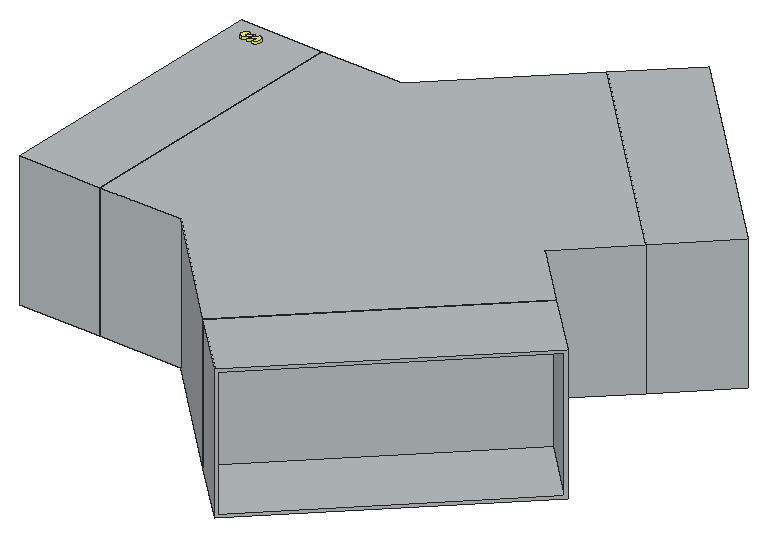
Revit family "NLRS_57_DUF_UN_instortkanaal-broekstuk-45_LT_velu", category Duct Fittings, Revit 2020
Family settings
  Round Connector Dimension = Use Diameter
  Part Type = Tee
  Work Plane-Based = No
  Always vertical = Yes
  Cut with Voids When Loaded = No
  Shared = No
Parameters (values of type "VIK broekstuk")
  VELU_c03_hoogte [instance] = VELU_c01_hoogte  # 80.00 mm
  VELU_c03_breedte [instance] = VELU_c01_breedte  # 170.00 mm
  VELU_c02_hoogte [instance] = VELU_c01_hoogte  # 80.00 mm
  VELU_c02_breedte [instance] = VELU_c01_breedte  # 170.00 mm
  VELU_c01_hoogte [instance] = if(NLRS_M_c01_hoogte > 70.00 mm, 80.00 mm, 70.00 mm)  # 80.00 mm
  VELU_c01_breedte [instance] = if(VELU_c01_hoogte = 70.00 mm, 170.00 mm, if(NLRS_M_c01_breedte > 220.00 mm, 250.00 mm, if(NLRS_M_c01_breedte > 200.00 mm, 220.00 mm, if(NLRS_M_c01_breedte > 170.00 mm, 200.00 mm, 170.00 mm))))  # 170.00 mm
  VELU_Werkendelengte3 [instance] = size_lookup(VELU_Article_Data, "L3", 50.00 mm, VELU_c01_breedte, VELU_c01_hoogte)  # 136.00 mm
  VELU_Werkendelengte2 [instance] = size_lookup(VELU_Article_Data, "L2", 50.00 mm, VELU_c01_breedte, VELU_c01_hoogte)  # 136.00 mm
  VELU_Werkendelengte [instance] = size_lookup(VELU_Article_Data, "L1", 50.00 mm, VELU_c01_breedte, VELU_c01_hoogte)  # 86.00 mm
  VELU_Show_Warning [instance] = not(VELU_Correcte_Maatvoering)  # no
  VELU_Model [instance] = size_lookup(VELU_Article_Data, "Model", "NB", VELU_c01_breedte, VELU_c01_hoogte)  # "VIK Y-stuk 170 x 80"
  VELU_Koppelbus_Li1 [instance] = size_lookup(VELU_Article_Data, "Li1", 50.00 mm, VELU_c01_breedte, VELU_c01_hoogte)  # 50.00 mm
  VELU_Gewicht [instance] = size_lookup(VELU_Article_Data, "kg", 0, VELU_c01_breedte, VELU_c01_hoogte) * 1.00 kg / 100  # 0.70 kg
  VELU_Foutmelding [instance] = if(VELU_Show_Warning, "Ongeldige instort maatvoering!", " ")  # " "
  VELU_Correcte_Maatvoering [instance] = (and(NLRS_M_c01_breedte = VELU_c01_breedte, NLRS_M_c01_hoogte = VELU_c01_hoogte))  # yes
  VELU_Calculation_Parameter [instance] = VELU_c03_breedte + 3.00 mm  # 173.00 mm
  VELU_Bim-site [instance] = "https://velu.nl/bim/"
  VELU_Artikel_code [instance] = size_lookup(VELU_Article_Data, "", "NB", VELU_c01_breedte, VELU_c01_hoogte)  # "5110000305"
  VELU_Article_Data = "Y"  # constant formula
  built-in parameter 1114242 [instance] = 1 = 0  # (empty or 0)
  URL = "https://webshop.velu.nl/overige-woningbouw-componenten/"
  Type Comments = "Enkel geschikt voor VELU instort kanaal maten"  # constant formula
  NLRS_M_c03_hoogte [instance] = NLRS_M_c01_hoogte  # 80.00 mm
  NLRS_M_c03_breedte [instance] = NLRS_M_c01_breedte  # 170.00 mm
  NLRS_M_c02_hoogte [instance] = NLRS_M_c01_hoogte  # 80.00 mm
  NLRS_M_c02_breedte [instance] = NLRS_M_c01_breedte  # 170.00 mm
  NLRS_M_c01_hoogte [instance] = 80.00 mm
  NLRS_M_c01_breedte [instance] = 170.00 mm
  NLRS_C_model [instance] = VELU_Model  # "VIK Y-stuk 170 x 80"
  NLRS_C_description = Description  # "VELU instortkanaal: Y-stuk 45, stromend"
  NLRS_C_content_versie = "3.20.01"  # constant formula
  NLRS_C_content_provider = "Velu Klimaattechnische Groothandel"  # constant formula
  NLRS_C_content_datum_gewijzigd = "20-01-2023"  # constant formula
  NLRS_C_content_creator = "J. Feeke"  # constant formula
  Model = "VIK rechthoekig broekstuk"  # constant formula
  Manufacturer = "Velu Klimaattechnische Groothandel"  # constant formula
  Description = "VELU instortkanaal: Y-stuk 45, stromend"  # constant formula
  Default Elevation = 0.00 mm
  Assembly Code = "57.00"
Reference planes
  plane 1 "Center (Front/Back)": y = 0
  plane 2: z = 0
  plane 3 "Center (Left/Right)": x = 0
  plane 4: y = 85
  plane 5: y = -85
  plane 6: y = 86.5
  plane 7: y = -86.5
  plane 8: z = 40
  plane 9: z = -40
  plane 10: z = 41.5
  plane 11: z = -41.5
  plane 12: x = -86
  plane 13: x = -136
Forms (mm)
  Extrusion 1, solid, material "VELU_Label", not visible
    sketch origin (-547.644, -297.937, 0) x (1, 0, 0) y (0, 1, 0)
      loop
        arc (546.644, 298.937) -> (545.644, 297.937) -> (546.644, 296.937) r 1
        line (546.644, 296.937) -> (546.644, 297.937) -> (547.644, 296.937) -> (547.644, 297.937) -> (546.644, 298.937)
    from 0 to 1
  Extrusion 2, solid, material "VELU_Label", not visible
    sketch origin (0, 0, 0) x (1, 0, 0) y (0, 1, 0)
      loop
        arc (1, -1) -> (2, 0) -> (1, 1) r 1
        line (1, 1) -> (1, 0) -> (0, 1) -> (0, 0) -> (1, -1)
    from 0 to 1
  Extrusion 3, solid, material "NLRS_57_sendzimir verzinkt_gen_sacs", detail levels medium+fine
    sketch origin (0, 0, 0) x (1, 0, 0) y (0, 1, 0)
      loop
        line (-35.829, -86.5) -> (35.002, -157.331) -> (157.331, -35.002) -> (122.329, 0) -> (157.331, 35.002) -> (35.002, 157.331) -> (-35.829, 86.5) -> (-86, 86.5) -> (-86, -86.5) -> (-35.829, -86.5)
    from -41.5 to 41.5
  Sweep 4, solid, material "NLRS_57_sendzimir verzinkt_gen_sacs", detail levels medium+fine
    path in 3D
      loop
        line (-86, -86.5, 41.5) -> (-86, -86.5, -41.5) -> (-86, 86.5, -41.5) -> (-86, 86.5, 41.5) -> (-86, -86.5, 41.5)
    profile "mof : mof" origin (-86, 0, 41.5) x (1, 0, 0) y (0, 0, 1)
      loop
        line (0, 0) -> (-50, 0) -> (-50, -1.5) -> (0, -1.5) -> (0, 0)
  Sweep 5, solid, material "NLRS_57_sendzimir verzinkt_gen_sacs", detail levels medium+fine
    path in 3D
      loop
        line (157.331, -35.002, 41.5) -> (157.331, -35.002, -41.5) -> (35.002, -157.331, -41.5) -> (35.002, -157.331, 41.5) -> (157.331, -35.002, 41.5)
    profile "mof : mof" origin (96.167, -96.167, 41.5) x (-0.707107, 0.707107, 0) y (0, 0, 1)
      loop
        line (0, 0) -> (-50, 0) -> (-50, -1.5) -> (0, -1.5) -> (0, 0)
  Sweep 6, solid, material "NLRS_57_sendzimir verzinkt_gen_sacs", detail levels medium+fine
    path in 3D
      loop
        line (35.002, 157.331, 41.5) -> (35.002, 157.331, -41.5) -> (157.331, 35.002, -41.5) -> (157.331, 35.002, 41.5) -> (35.002, 157.331, 41.5)
    profile "mof : mof" origin (96.167, 96.167, 41.5) x (-0.707107, -0.707107, 0) y (0, 0, 1)
      loop
        line (0, 0) -> (-50, 0) -> (-50, -1.5) -> (0, -1.5) -> (0, 0)
Lines and regions (mm)
  reference lines
    curve 1: line (0, 0, 0) -> (96.167, -96.167, 0)
    curve 8: line (0, 0, 0) -> (96.167, 96.167, 0)
  model lines, detail levels coarse
    curve 2: line (-86, 0, 0) -> (0, 0, 0)
    curve 3: line (96.167, -96.167, 0) -> (0, 0, 0)
    curve 17: line (96.167, 96.167, 0) -> (0, 0, 0)
  sketch lines
    curve 4: line (-86, 86.5, 41.5) -> (-86, -86.5, 41.5)
    curve 5: line (-86, 86.5, 41.5) -> (-86, 86.5, -41.5)
    curve 6: line (-86, -86.5, -41.5) -> (-86, 86.5, -41.5)
    curve 7: line (-86, -86.5, 41.5) -> (-86, -86.5, -41.5)
    curve 9: line (35.002, -157.331, 41.5) -> (157.331, -35.002, 41.5)
    curve 10: line (157.331, -35.002, 41.5) -> (157.331, -35.002, -41.5)
    curve 11: line (157.331, -35.002, -41.5) -> (35.002, -157.331, -41.5)
    curve 12: line (35.002, -157.331, 41.5) -> (35.002, -157.331, -41.5)
    curve 13: line (157.331, 35.002, 41.5) -> (35.002, 157.331, 41.5)
    curve 14: line (35.002, 157.331, 41.5) -> (35.002, 157.331, -41.5)
    curve 15: line (35.002, 157.331, -41.5) -> (157.331, 35.002, -41.5)
    curve 16: line (157.331, 35.002, 41.5) -> (157.331, 35.002, -41.5)
Dimensions and locks
  equal spacing: plane 4, plane 1 "Center (Front/Back)", plane 5
  "VELU_c01_breedte": plane 4 to plane 5
  locked: plane 6 to plane 4 at 1.5
  locked: plane 5 to plane 7 at 1.5
  equal spacing: plane 8, level, plane 9
  "VELU_c01_hoogte": plane 8 to plane 9
  locked: plane 9 to plane 11 at 1.5
  locked: plane 10 to plane 8 at 1.5
  locked: plane 6 to nested 2 at 11.5
  locked: plane 6 to nested 1 at 11.5
  "VELU_Werkendelengte": plane 12 to plane 3 "Center (Left/Right)"
  "VELU_Werkendelengte3": curve 1 to curve 1
  "VELU_Koppelbus_Li1": plane 13 to plane 12
  locked: plane 13 to nested 1 at 15
  locked: plane 13 to nested 2 at 15
  "VELU_Werkendelengte2": curve 8 to curve 8
  equal spacing: Extrusion 3 sketch curve, curve 8, Extrusion 3 sketch curve
  "VELU_Calculation_Parameter": Extrusion 3 sketch curve to Extrusion 3 sketch curve  (x2)
  equal spacing: Extrusion 3 sketch curve, curve 1, Extrusion 3 sketch curve
  "VELU_Werkendelengte3": curve 3 to curve 3
  "VELU_Werkendelengte2": curve 17 to curve 17
  locked: curve 1 to plane 1 "Center (Front/Back)" (angle 45.00°)
  locked: plane 1 "Center (Front/Back)" to curve 8 (angle 45.00°)
  locked: Extrusion 3 sketch curve to curve 8 (angle 90.00°)
  locked: Extrusion 3 sketch curve to Extrusion 3 sketch curve (angle 90.00°)  (x4)
  locked: curve 1 to Extrusion 3 sketch curve (angle 90.00°)
  locked: plane 1 "Center (Front/Back)" to curve 17 (angle 45.00°)
  locked: curve 3 to plane 1 "Center (Front/Back)" (angle 45.00°)
  aligned and locked: level to plane 2
  aligned and locked: plane 10 to nested 1
  aligned and locked: nested 2 to plane 11
  aligned and locked: plane 3 "Center (Left/Right)" to curve 1
  aligned and locked: plane 12 to Extrusion 3 sketch curve
  aligned and locked: Extrusion 3 sketch curve to plane 6
  aligned and locked: plane 7 to Extrusion 3 sketch curve
  aligned and locked: Extrusion 3 to plane 11
  aligned and locked: plane 10 to Extrusion 3
  aligned and locked: plane 12 to curve 2
  aligned and locked: curve 2 to curve 3
  aligned and locked: plane 3 "Center (Left/Right)" to curve 3
  aligned and locked: curve 3 to curve 1
  aligned and locked: plane 1 "Center (Front/Back)" to curve 8
  aligned and locked: Extrusion 3 sketch curve to curve 8
  aligned and locked: Extrusion 3 sketch curve to curve 1
  aligned and locked: plane 1 "Center (Front/Back)" to Extrusion 3 sketch curve  (x2)
Automatic sketch dimensions
  plane 1 "Center (Front/Back)" to Extrusion 1 sketch curve = 0.00 mm  (x3)
  Extrusion 1 sketch curve to plane 3 "Center (Left/Right)" = 0.00 mm
  Extrusion 1 sketch curve to plane 3 "Center (Left/Right)" = 1.00 mm
  Extrusion 1 sketch curve to Extrusion 1 sketch curve = 1.00 mm  (x2)
  plane 1 "Center (Front/Back)" to Extrusion 2 sketch curve = 0.00 mm  (x3)
  Extrusion 2 sketch curve to plane 3 "Center (Left/Right)" = 0.00 mm
  plane 3 "Center (Left/Right)" to Extrusion 2 sketch curve = 1.00 mm
  Extrusion 2 sketch curve to Extrusion 2 sketch curve = 1.00 mm
  Extrusion 2 sketch curve to Extrusion 2 sketch curve = 0.00 mm
Nested families
  nested 1: "logo_single" at (-121, 75, 41.5) x (-1, 0, 0) z (0, 0, 1), type "logo_single", detail levels medium+fine
  nested 2: "logo_single" at (-121, 75, -42.5), type "logo_single", detail levels medium+fine
  nested 3: "Warning_R20" at (0, 0, 0), visible <- "VELU_Show_Warning", type "Warning_R20"
Connectors
  hvac at (-86, 0, 0), driven by "NLRS_M_c01_hoogte", driven by "NLRS_M_c01_breedte"
    settings: on Extrusion 3, index 1, duct flow 0.0 L/s, flow factor 0, pres drop 0.0 Pa, loss coef 0, conn angle 0.00°, conn width 170 mm, conn height 80 mm, conn diameter 609.6 mm, duct sys type 28, conn prof type 1, flow config 0, flow direction 0, loss method 0, conn ref index 2, conn util no, is conn primary yes, conn desc ""
  hvac at (96.167, 96.167, 0), driven by "NLRS_M_c01_hoogte", driven by "NLRS_M_c01_breedte"
    settings: on Extrusion 3, index 2, duct flow 0.0 L/s, flow factor 0, pres drop 0.0 Pa, loss coef 0, conn angle 45.00°, conn width 170 mm, conn height 80 mm, conn diameter 609.6 mm, duct sys type 28, conn prof type 1, flow config 0, flow direction 0, loss method 0, conn ref index 1, conn util no, is conn primary no, conn desc ""
  hvac at (96.167, -96.167, 0), driven by "NLRS_M_c01_hoogte", driven by "NLRS_M_c01_breedte"
    settings: on Extrusion 3, index 3, duct flow 0.0 L/s, flow factor 0, pres drop 0.0 Pa, loss coef 0, conn angle -45.00°, conn width 170 mm, conn height 80 mm, conn diameter 609.6 mm, duct sys type 28, conn prof type 1, flow config 0, flow direction 0, loss method 0, conn ref index -1, conn util no, is conn primary no, conn desc ""
Definition of nested family "logo_single"
  Parameters (values of type "logo_single")
    t = 3.00 mm
    Model = ""
    Description = ""
    Default Elevation = 0.00 mm
  Reference planes
    plane 1 "Center (Front/Back)": y = 0
    plane 2: z = 0
    plane 3 "Center (Left/Right)": x = 0
    plane 4: x = -6
    plane 5: y = -3
    plane 6: y = 3
    plane 7: x = -3
    plane 8: x = 3
    plane 9: x = 6
  Forms (mm)
    Extrusion 1, solid
      sketch origin (-547.644, -297.937, 0) x (1, 0, 0) y (0, 1, 0)
        loop
          arc (544.644, 300.937) -> (541.644, 297.937) -> (544.644, 294.937) r 3
          line (544.644, 294.937) -> (544.644, 297.937) -> (547.644, 294.937) -> (547.644, 297.937) -> (544.644, 300.937)
      from 0 to 1
    Extrusion 2, solid
      sketch origin (0, 0, 0) x (1, 0, 0) y (0, 1, 0)
        loop
          arc (3, -3) -> (6, 0) -> (3, 3) r 3
          line (3, 3) -> (3, 0) -> (0, 3) -> (0, 0) -> (3, -3)
      from 0 to 1
  Dimensions and locks
    "t": plane 6 to plane 1 "Center (Front/Back)"
    "t": plane 5 to plane 1 "Center (Front/Back)"
    "t": plane 4 to plane 7
    "t": plane 7 to plane 3 "Center (Left/Right)"
    "t": plane 3 "Center (Left/Right)" to plane 8
    "t": plane 8 to plane 9
    aligned and locked: level to plane 2
  Automatic sketch dimensions
    plane 1 "Center (Front/Back)" to Extrusion 1 sketch curve = 0.00 mm  (x3)
    Extrusion 1 sketch curve to plane 7 = 0.00 mm
    Extrusion 1 sketch curve to plane 6 = 0.00 mm
    Extrusion 1 sketch curve to plane 3 "Center (Left/Right)" = 0.00 mm
    Extrusion 1 sketch curve to plane 5 = 0.00 mm
    Extrusion 2 sketch curve to plane 3 "Center (Left/Right)" = 0.00 mm
    plane 1 "Center (Front/Back)" to Extrusion 2 sketch curve = 0.00 mm  (x3)
    Extrusion 2 sketch curve to plane 5 = 0.00 mm
    Extrusion 2 sketch curve to plane 8 = 0.00 mm
    Extrusion 2 sketch curve to plane 6 = 0.00 mm
Definition of nested family "Warning_R20"
  Parameters (values of type "Warning_R20")
    TW = 51.60 mm * Scale  # 51.60 mm
    TH = 75.00 mm * Scale  # 75.00 mm
    Scale = 1
    CO = 50.00 mm * Scale  # 50.00 mm
    CD = 50.00 mm * Scale  # 50.00 mm
    BW = 40.00 mm * Scale  # 40.00 mm
    BH = 12.00 mm * Scale  # 12.00 mm
  Reference planes
    plane 1 "Center (Front/Back)": y = 0
    plane 2: z = 0
    plane 3 "Center (Left/Right)": x = 0
  Lines and regions (mm)
    Filled region 1, type "Solid Fill - Black", in view "Ref. Level"
      outline origin (0, 0, 0) x (1, 0, 0) y (0, 1, 0)
        loop
          line (-25.8, 75) -> (-20, -12) -> (20, -12) -> (25.8, 75) -> (-25.8, 75)
        loop
          circle (0, -50) r 25
  Dimensions and locks
    equal spacing: Filled region 1 sketch curve, plane 3 "Center (Left/Right)", Filled region 1 sketch curve  (x2)
    "TH": plane 1 "Center (Front/Back)" to Filled region 1 sketch curve
    "BH": Filled region 1 sketch curve to plane 1 "Center (Front/Back)"
    "CO": Filled region 1 sketch curve to plane 1 "Center (Front/Back)"
    "TW": Filled region 1 sketch curve to Filled region 1 sketch curve
    "BW": Filled region 1 sketch curve to Filled region 1 sketch curve
    "CD": diameter of Filled region 1 sketch curve
    aligned and locked: plane 3 "Center (Left/Right)" to Filled region 1 sketch curve
